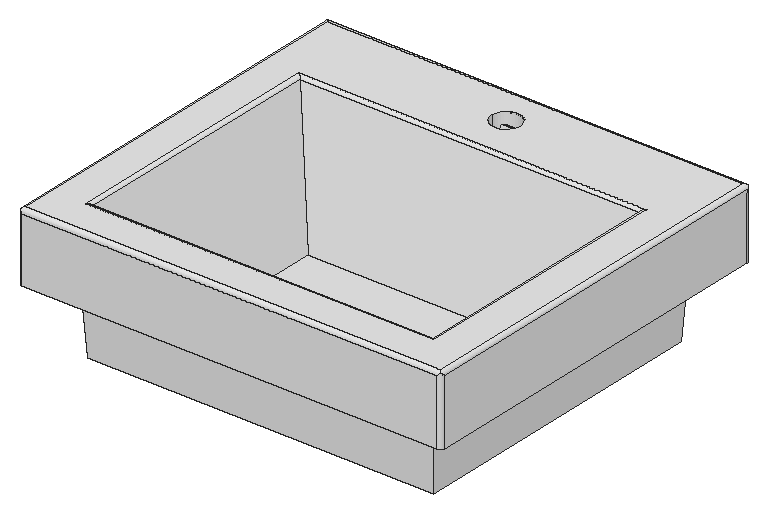
Revit family "Kwando Basin Family", category Plumbing Fixtures, Revit 2023
Family settings
  Round Connector Dimension = Use Diameter
  Part Type = Normal
  OmniClass Number = 23.45.00.00
  OmniClass Title = Sanitary, Laundry, and Cleaning Equipment
  Work Plane-Based = No
  Enable Cutting in Views = No
  Always vertical = Yes
  Cut with Voids When Loaded = No
  Maintain Annotation Orientation = No
  Shared = No
  Room Calculation Point = No
Parameters
  Silver = Silver
  Default Elevation = 0 mm
  Ceramic = Ceramic
Reference planes
  plane 1 "Center (Front/Back)": y = 0
  plane 2: z = 0
  plane 3 "Center (Left/Right)": x = 0
  plane 4: z = 85
  plane 5: y = -475
  plane 6: y = -425
  plane 7: y = -374.242
  plane 8: z = 170
  plane 9: z = 157
  plane 10: y = -462
  plane 11: z = 13
  plane 12 "Center L/S": x = 260
  plane 13: z = 157
  plane 14: y = -462
  plane 15: z = 13
Forms (mm)
  Sweep 1, solid, material "Ceramic" <- "Ceramic"
    path origin (0, 0, 0) x (1, 0, 0) y (0, 1, 0)
      loop
        line (-260, -475) -> (260, -475) -> (260, -55.123) -> (-260, -55.123) -> (-260, -475)
    profile origin (0, -475, 0) x (0, 1, 0) y (0, 0, 1)
      loop
        line (46.362, 170) -> (0, 170) -> (0, 85) -> (13, 85) -> (13, 157) -> (40.54, 157) -> (91.298, 0) -> (130.758, 0) -> (130.758, 13) -> (100.758, 13) -> (51.119, 166.538)
        arc (51.119, 166.538) -> (49.304, 169.043) -> (46.362, 170) r 5
  Extrusion 2, solid, material "Ceramic" <- "Ceramic"
    sketch origin (0, 0, 0) x (1, 0, 0) y (0, 1, 0)
      loop
        line (-260, -55.123) -> (260, -55.123) -> (260, 0) -> (-260, 0) -> (-260, -55.123)
    from 85 to 170
  Extrusion 3, solid, material "Ceramic" <- "Ceramic"
    sketch origin (0, 0, 0) x (1, 0, 0) y (0, 1, 0)
      loop
        line (-129.242, -185.88) -> (-129.242, -344.242) -> (129.242, -344.242) -> (129.242, -185.88) -> (-129.242, -185.88)
    from 0 to 13
  Extrusion 4, void
    sketch origin (0, 0, 0) x (1, 0, 0) y (0, 1, 0)
      loop
        circle (0, -265.061) r 22.5
      loop
        circle (0, -50.123) r 17.5
    from 0 to 193.707
  Revolve 5, solid, material "Silver" <- "Silver"
    sketch origin (0, -73.061, -709.469) x (0, 1, 0) y (0, 0, 1)
      loop
        line (-169.5, 721.469) -> (-169.5, 722.469)
        arc (-169.5, 722.469) -> (-169.793, 723.176) -> (-170.5, 723.469) r 1
        line (-170.5, 723.469) -> (-176.5, 723.469)
        arc (-176.5, 723.469) -> (-177.207, 723.176) -> (-177.5, 722.469) r 1
        line (-177.5, 722.469) -> (-177.5, 718.713)
        arc (-177.5, 718.713) -> (-177.646, 718.359) -> (-178, 718.213) r 0.5
        line (-178, 718.213) -> (-192, 718.213) -> (-192, 717.213) -> (-176.15, 717.213) -> (-176.15, 720.469)
        arc (-176.15, 720.469) -> (-175.857, 721.176) -> (-175.15, 721.469) r 1
        line (-175.15, 721.469) -> (-169.5, 721.469)
      axis (-192, 717.213) -> (-192, 723.469)
    angle from 0 to 360
  Extrusion 6, void
    sketch origin (0, -73.061, -709.469) x (1, 0, 0) y (0, 1, 0)
      loop
        circle (0, -192) r 3
      loop
        circle (-8.778, -192) r 3
      loop
        circle (-4.389, -184.398) r 3
      loop
        circle (4.389, -184.398) r 3
      loop
        circle (8.778, -192) r 3
      loop
        circle (4.389, -199.602) r 3
      loop
        circle (-4.389, -199.602) r 3
    from 710.891 to 726.281
  Extrusion 7, void
    sketch origin (0, 0, 0) x (1, 0, 0) y (0, 1, 0)
      loop
        line (260, 0) -> (255, 0)
        arc (255, 0) -> (258.536, -1.464) -> (260, -5) r 5
        line (260, -5) -> (260, 0)
      loop
        line (-260, 0) -> (-260, -5)
        arc (-260, -5) -> (-258.536, -1.464) -> (-255, 0) r 5
        line (-255, 0) -> (-260, 0)
      loop
        line (260, -475) -> (260, -470)
        arc (260, -470) -> (258.536, -473.536) -> (255, -475) r 5
        line (255, -475) -> (260, -475)
      loop
        line (-260, -475) -> (-255, -475)
        arc (-255, -475) -> (-258.536, -473.536) -> (-260, -470) r 5
        line (-260, -470) -> (-260, -475)
    from 0 to 170
  Sweep 8, void
    path origin (-260, -475, 170) x (1, 0, 0) y (0, 1, 0)
      loop
        line (520, 475) -> (0, 475) -> (0, 0) -> (520, 0) -> (520, 475)
    profile origin (0, 0, 170) x (0, -1, 0) y (0, 0, 1)
      loop
        line (0, 0) -> (0, -5)
        arc (0, -5) -> (1.464, -1.464) -> (5, 0) r 5
        line (5, 0) -> (0, 0)
  Sweep 9, solid, material "Ceramic" <- "Ceramic"
    path origin (0, 0, 0) x (1, 0, 0) y (0, 1, 0)
      loop
        line (-260, -475) -> (260, -475) -> (260, 0) -> (-260, 0) -> (-260, -475)
    profile origin (0, -475, 0) x (0, 1, 0) y (0, 0, 1)
      loop
        line (87.095, 13) -> (40.54, 157) -> (38.04, 157) -> (47.5, 0) -> (165, 0) -> (165, 13) -> (87.095, 13)
Cuts and joins
  Extrusion 4, Extrusion 7, Sweep 8 cuts Sweep 1
  Extrusion 4, Extrusion 7, Sweep 8 cuts Extrusion 2
  Extrusion 4, Extrusion 7, Sweep 8 cuts Extrusion 3
  joined: Sweep 1, Extrusion 2, Extrusion 3, Sweep 9
  Extrusion 6 cuts Revolve 5
Dimensions and locks
  plane 5 to plane 1 "Center (Front/Back)" = 475 mm
  cut or joined group of Sweep 1, Extrusion 2, Extrusion 3, Extrusion 4, Extrusion 7, Sweep 8, Sweep 9 to cut or joined group of Sweep 1, Extrusion 2, Extrusion 3, Extrusion 4, Extrusion 7, Sweep 8, Sweep 9 = 520 mm
  aligned and locked: level to plane 2
